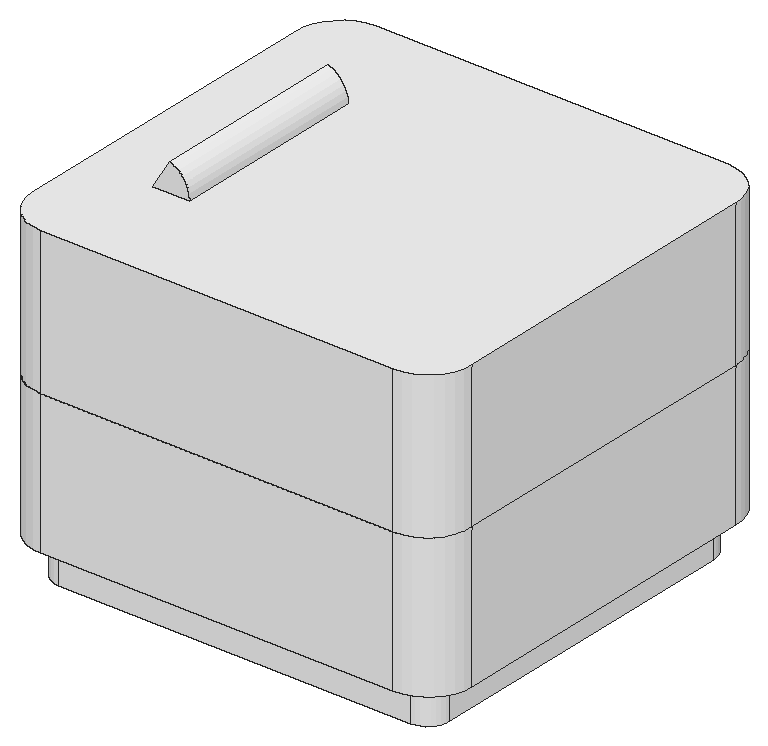
Revit family "Gira_017530", category Electrical Fixtures, host Face, Revit 2017
Family settings
  Host = Face
  Maintain Annotation Orientation = Yes
  Round Connector Dimension = Use Diameter
  Part Type = Normal
  Cut with Voids When Loaded = No
  Shared = No
  Room Calculation Point = No
Parameters (values of type "SCHUKO HC + in.sp. amm.res. WP surface-mounted grey")
  With signal lamp = "No"
  With orientation lighting = "No"
  With on/off switch = "No"
  With miniature fuse = "No"
  With loop through function = "No"
  With hinged lid = "Yes"
  With function lighting = "No"
  With child-protection = "No"
  With built-in USB power supply = "No"
  URL = "http://katalog.gira.de/en/datenblatt.html?artikelnr=017530"
  Type of fastening = "Mounting with screw"
  Transparent = "No"
  Surface protection = "Other"
  Suitable for degree of protection (IP) = "IP44"
  Special power supply = "No special power supply"
  Rotated central insert = "No"
  Protective earth pin round = "No"
  Protective contact = "Yes"
  Over voltage protection = "No"
  Number of units = "1"
  Number of socket outlets switchable = "0"
  Number of modules (module system) = "1"
  Nominal voltage = "250"
  Nominal current = "16"
  Name = "SCHUKO HC + in.sp. amm.res. WP surface-mounted grey"
  Mounting method = "Surface mounted (plaster)"
  Model = "Protective contact (SCHUKO)"
  Material quality = "Other"
  Material = "Other"
  Manufacturer URL = "https://www.gira.de/"
  Manufacturer = "Gira"
  Lockable = "No"
  Label space/information surface = "Yes"
  Keynote = ""
  Insulated mounting = "No"
  Imprint/indication = "Without imprint"
  HeinzeBIM = "https://bimportal.heinze.de/bim/schuko-hc-in-sp-amm-res-wp-surface-mounted-grey/17e8b8f445b0aab9c18f1957aee502c0d31ff675"
  Halogen free = "No"
  HAN = "017530"
  GTIN = "4010337175308"
  Für "erschwerte Bedingungen" (nach VDE) (*de-DE) = "No"
  Fault current protection = "No"
  Eject-mechanism = "No"
  Description = "SCHUKO HC in.sp.am.r. WP SM GY,SCHUKO socket outlet 16 A 250 V~ with hinged cover and inscription space, ammonia-resistant,,grey,Notes :,- Resistant to air containing ammonia due to specially-alloyed metal parts."
  Depth of device = "0.03"
  Default Elevation = 1219.2 mm
  Data sheet (1) = "https://katalog.gira.de/en/download.html?artikelnr=017530"
  Connection type = "Plug clamp"
  Colour = "Grey"
  Category = "Socket outlet"
  BIM (1) = "https://media.stage.bim.site/public/gira/36a6b08/IP44_Komplettgerät_Steckdose.rfa?public/gira/36a6b08/IP44_Komplettgerät_Steckdose.rfa"
  Available = "No"
  Antibacterial treatment = "No"
Reference planes
  plane 1 "Center (Front/Back)": y = 0
  plane 2: z = 0
  plane 3 "Center (Left/Right)": x = 0
Forms (mm)
  Extrusion 1, solid, material "White", detail levels fine
    sketch origin (41, 0, 0) x (1, 0, 0) y (0, 1, 0)
      loop
        line (-9, 38) -> (-73, 38)
        arc (-73, 38) -> (-78.657, 35.657) -> (-81, 30) r 8
        line (-81, 30) -> (-81, -30)
        arc (-81, -30) -> (-78.657, -35.657) -> (-73, -38) r 8
        line (-73, -38) -> (-9, -38)
        arc (-9, -38) -> (-3.343, -35.657) -> (-1, -30) r 8
        line (-1, -30) -> (-1, 30)
        arc (-1, 30) -> (-3.343, 35.657) -> (-9, 38) r 8
    from 0 to 26
  Extrusion 2, solid, material "White", detail levels fine
    sketch origin (41, 0, 0) x (1, 0, 0) y (0, 1, 0)
      loop
        line (-9, 38) -> (-73, 38)
        arc (-73, 38) -> (-78.657, 35.657) -> (-81, 30) r 8
        line (-81, 30) -> (-81, -30)
        arc (-81, -30) -> (-78.657, -35.657) -> (-73, -38) r 8
        line (-73, -38) -> (-9, -38)
        arc (-9, -38) -> (-3.343, -35.657) -> (-1, -30) r 8
        line (-1, -30) -> (-1, 30)
        arc (-1, 30) -> (-3.343, 35.657) -> (-9, 38) r 8
    from 26 to 52.5
  Extrusion 3, solid, material "White", detail levels fine
    sketch origin (41, 0, 0) x (1, 0, 0) y (0, 0, 1)
      loop
        line (-68.7, 52.5) -> (-62.067, 52.5)
        arc (-62.067, 52.5) -> (-63.019, 55.628) -> (-65.7, 57.5) r 5
        line (-65.7, 57.5) -> (-68.7, 52.5)
    from 18 to -18
  Extrusion 4, solid, material "White", detail levels medium
    sketch origin (41, -5.734, 0) x (1, 0, 0) y (0, 1, 0)
      loop
        line (-9, 43.734) -> (-73, 43.734)
        arc (-73, 43.734) -> (-78.657, 41.391) -> (-81, 35.734) r 8
        line (-81, 35.734) -> (-81, -24.266)
        arc (-81, -24.266) -> (-78.657, -29.923) -> (-73, -32.266) r 8
        line (-73, -32.266) -> (-9, -32.266)
        arc (-9, -32.266) -> (-3.343, -29.923) -> (-1, -24.266) r 8
        line (-1, -24.266) -> (-1, 35.734)
        arc (-1, 35.734) -> (-3.343, 41.391) -> (-9, 43.734) r 8
    from 0 to 52.5
  Extrusion 5, solid, material "White", detail levels medium
    sketch origin (41, 0, 0) x (1, 0, 0) y (0, 0, 1)
      loop
        line (-68.7, 57.5) -> (-68.7, 52.5) -> (-62.067, 52.5) -> (-62.067, 57.5) -> (-68.7, 57.5)
    from -18 to 18
  Extrusion 6, solid, material "White", detail levels coarse
    sketch origin (41, 0, 0) x (1, 0, 0) y (0, 1, 0)
      loop
        line (-1, 38) -> (-81, 38) -> (-81, -38) -> (-1, -38) -> (-1, 38)
    from -7 to 57.5
  Extrusion 7, solid, material "White", detail levels medium+fine
    sketch origin (41, 0, 0) x (1, 0, 0) y (0, 1, 0)
      loop
        line (-9, 34) -> (-73, 34)
        arc (-73, 34) -> (-75.828, 32.828) -> (-77, 30) r 4
        line (-77, 30) -> (-77, -30)
        arc (-77, -30) -> (-75.828, -32.828) -> (-73, -34) r 4
        line (-73, -34) -> (-9, -34)
        arc (-9, -34) -> (-6.172, -32.828) -> (-5, -30) r 4
        line (-5, -30) -> (-5, 30)
        arc (-5, 30) -> (-6.172, 32.828) -> (-9, 34) r 4
    from 0 to -7
Dimensions and locks
  Extrusion 6 to plane 3 "Center (Left/Right)" to Extrusion 6 = 40 mm, 40 mm
  aligned and locked: plane 2 to host face
  aligned and locked: level to host face
  aligned and locked: plane 3 "Center (Left/Right)" to nested 1
  aligned and locked: plane 1 "Center (Front/Back)" to nested 1
Nested families
  nested 1: "Steckdose 1-fach Beschriftung" at (0, 0, 0), type "Steckdose 1-fach Beschriftung"
Connectors
  electrical at (0, 0, -7)
    settings: on Extrusion 7, index 1, voltage 220 V, apparent load 0 VA, apparent load phase1 0 VA, apparent load phase2 0 VA, apparent load phase3 0 VA, power factor 1, load classification "Other", number of poles 1, system type 31, power factor state 1, is connector primary yes, connector utility no, sub classification motor no, connector description ""
Definition of nested family "Steckdose 1-fach Beschriftung"
  Reference planes
    plane 1: y = 0
    plane 2: x = 0
  Lines and regions (mm)
    detail lines
      curve 1: line (0, 0, 0) -> (0, 2, 0)
      curve 3: line (0, 2, 0) -> (-1, 2, 0)
      curve 4: arc (1, 3, 0) -> (0, 2, 0) -> (-1, 3, 0) r 1
      curve 5: line (0, 2, 0) -> (1, 2, 0)
    reference lines
      curve 2: line (-0.485, 3, 0) -> (2.315, 3, 0)
  Dimensions and locks
    curve 1 to curve 1 = 2 mm
    plane 1 to curve 2 = 3 mm
    curve 3 to curve 3 = 1 mm
